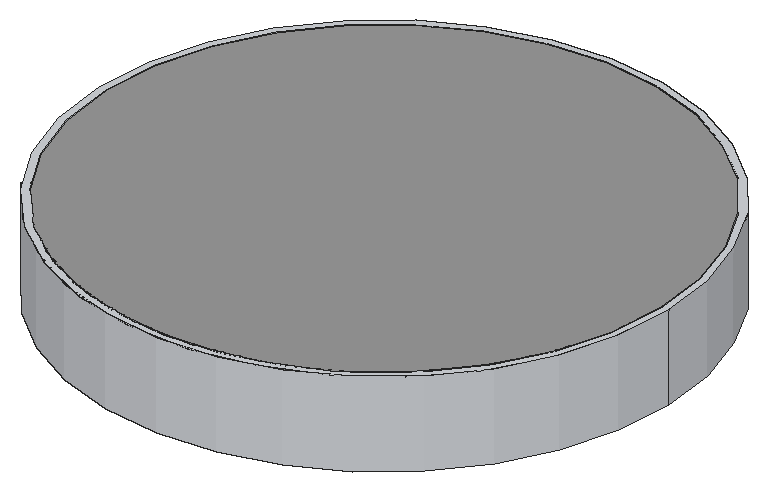
Revit family "2071138", category Lighting Fixtures, host Face, Revit 2018
Family settings
  Host = Face
  Round Connector Dimension = Use Diameter
  Part Type = Normal
  OmniClass Number = 23.80.70.00
  OmniClass Title = Lighting
  Cut with Voids When Loaded = No
  Light Source = Yes
  Shared = No
  Room Calculation Point = No
Parameters (values of type "2071138 COLOSSAL 400 830 PR DIR+H WHT DALI")
  iner diameter = 390 mm
  Weight = "n/a"
  Wattage Comments = ""
  Wattage = 30 W
  WarrantyStartDate [instance] = "n/a"
  WarrantyGuarantorParts = "n/a"
  WarrantyDurationUnit = "n/a"
  WarrantyDurationParts = ""
  WarrantyDescription = "http://www.sylvania-lighting.com"
  built-in parameter 1150110 = 1 (stored number, unit not read)
  Voltage = 230 V
  URL = "0.95"
  TypeName = "COLOSSAL 400mm 830 PRISM DIR+HAL WHITE DALI"
  Type Image = <None>
  Type Comments = "n/a"
  built-in parameter 1114217 = 1 (stored number, unit not read)
  Tilt Angle = -90.00°
  built-in parameter 1150109 = 1 (stored number, unit not read)
  built-in parameter 1150134 = (empty or 0)
  built-in parameter 1150113 = 1 (stored number, unit not read)
  SerialNumber [instance] = "n/a"
  Photometric Web File = "2071138.ies"
  Material_3_SYL = LED-Sylvania
  PowerFactor = 0
  PowerConsumption = "Lighting"
  NominalLength = 400 mm
  NominalHeight = 93 mm
  NominalDepth = 400 mm
  Name = "COLOSSAL 400mm 830 PRISM DIR+HAL WHITE DALI"
  ModelReference = Name  # "COLOSSAL 400mm 830 PRISM DIR+HAL WHITE DALI"
  ModelNumber = "2071138"
  Model = Name  # "COLOSSAL 400mm 830 PRISM DIR+HAL WHITE DALI"
  Material = "Feilo Sylvania"
  ManufacturerName = "120 lm/W"
  Manufacturer = ""
  LuminousEfficacy = ""
  built-in parameter 1150105 = 270.44 (stored number, unit not read)
  Lumens = 3398.4 lm
  LuminaireType = "0"
  built-in parameter 1150115 = 1 (stored number, unit not read)
  LightOutputRatio = "LED"
  built-in parameter 1150137 = (empty or 0)
  built-in parameter 1150139 = (empty or 0)
  LampsType = Lamp  # "n/a"
  LampNominalLuminous = "3000 K"
  LampMacAdamStep = "80"
  LampColourTemperature = "LED"
  LampColourRenderingIndex = "16500"
  built-in parameter 1150112 = 1 (stored number, unit not read)
  built-in parameter 1150114 = 1 (stored number, unit not read)
  Lamp = "n/a"
  Keynote = "n/a"
  InstallationDate [instance] = "n/a"
  InputVoltage = "0"
  InputNominalFrequency = "3000"
  built-in parameter 1150132 = (empty or 0)
  built-in parameter 1150102 = (empty or 0)
  built-in parameter 1150107 = 3000 (stored number, unit not read)
  built-in parameter 1150138 = (empty or 0)
  IngressProtection = "IfcLightFixtureType"
  ImpactProtectionIndex = "IfcLightFixtureType"
  built-in parameter 1150106 = 2.7044 (stored number, unit not read)
  IfcExportType = "IfcLightFixtureType"
  IfcExportAs = "Class I"
  Emit from Circle Diameter = 385 mm
  Emit Shape Visible in Rendering = no
  ElectricShockClassification = "120"
  built-in parameter 1150104 = 10.524 (stored number, unit not read)
  DocumentationLiterature = "http://www.sylvania-lighting.com/product/en-int/products/2071138"
  DimmingControlOptions = "n/a"
  Material_2_SYL = Polycarbonate_Sylvania_White
  Dimming Lamp Color Temperature Shift = <None>
  Description = "400mm diameter circular architectural luminaire, can be surface mounted or suspended. Powder coated aluminium housing (RAL9016) with PMMA prismatic diffuser. Direct/indirect (halo) light distribution, 1920lm luminuous flux, 16W system power, 120lm/W luminiaire efficacy. DALI dimmable. Colour rendering index Ra >80, 3000K Warm White LED, chromaticity tolerance of 3-step MacAdam ellipse. IP40, IK03. 350mA drive current. UGR≤19. Electrical protection Class1, 220-240V. Reported lifetime 66k hours L90B10."
  Default Elevation = 1219.2 mm
  CreatedOn = "22/03/2022"
  CreatedBy = "@sylvania-lighting.com"
  Cost = 0
  Color Filter = 16777215
  built-in parameter 1114216 [instance] = (empty or 0)
  ClassificationValue = "EF_70_80"
  ClassificationName = "Uniclass2015"
  Material_1_SYL = Polycarbonate_Sylvania_Opal
  BarCode [instance] = "n/a"
  built-in parameter 1114218 = 1 (stored number, unit not read)
  built-in parameter 1150133 = 10 (stored number, unit not read)
  AssetType = "Fixed"
  AssetIdentifier [instance] = "n/a"
  Assembly Code = "D5020200"
  Apparent Load = 16 VA
  Material_4_SYL = none
Reference planes
  plane 1 "Center (Front/Back)": y = 0
  plane 2: z = 0
  plane 3 "Center (Left/Right)": x = 0
  plane 4: x = -200
  plane 5: x = 200
  plane 6: y = 200
  plane 7: y = -200
  plane 8: y = 236
  plane 9: y = -236
  plane 10: z = 93
  plane 11: y = 195
  plane 12: y = -195
  plane 13: y = 90.5
  plane 14: y = 144.5
  plane 15: through (52.25, 90.5, 1219.2) normal (0.866, 0.5, 0)
  plane 16: through (52.25, 90.5, 1219.2) normal (0.866, 0.5, 0)
  plane 17: through (63.706, 126.657, 1219.2) normal (0.866, 0.5, 0)
  plane 18: through (-104.5, 0, 1219.2) normal (-0.866, 0.5, 0)
  plane 19: through (-142.394, -9.633, 1219.2) normal (-0.866, 0.5, 0)
  plane 20: y = -90.5
  plane 21: y = -118.5
  plane 22: through (85.371, -141.133, 1219.2) normal (-0.866, 0.5, 0)
  plane 23: through (52.25, -90.5, 1219.2) normal (-0.866, 0.5, 0)
  plane 24: through (-161.658, 0, 1219.2) normal (0.866, 0.5, 0)
  plane 25: through (-172.12, 9.121, 1219.2) normal (0.866, 0.5, 0)
  plane 26: through (-104.5, 0, 1219.2) normal (0.866, 0.5, 0)
Forms (mm)
  Extrusion 1, solid, detail levels medium+fine
    sketch origin (0, 0, 0) x (1, 0, 0) y (0, 1, 0)
      loop
        circle (0, 0) r 200
    from 33.023 to 93
  Extrusion 2, void
    sketch origin (0, 0, 0) x (1, 0, 0) y (0, 1, 0)
      loop
        circle (0, 0) r 195
    from 93 to 37.292
  Extrusion 3, solid, material "Glass, White, High Luminance", detail levels fine
    sketch origin (0, 0, 0) x (1, 0, 0) y (0, 1, 0)
      loop
        circle (0, 0) r 195
    from 88.026 to 93
  Extrusion 4, solid, detail levels coarse
    sketch origin (0, 0, 0) x (1, 0, 0) y (0, 1, 0)
      loop
        line (-200, 200) -> (-200, -200) -> (200, -200) -> (200, 200) -> (-200, 200)
    from 0 to 93
  Blend 5, solid, detail levels medium+fine
    base sketch origin (0, 0, 0) x (1, 0, 0) y (0, 1, 0)
      loop
        line (-52.25, 90.5) -> (-104.5, 0) -> (-52.25, -90.5) -> (52.25, -90.5) -> (104.5, 0) -> (52.25, 90.5) -> (-52.25, 90.5)
    top sketch origin (0, 0, 0) x (1, 0, 0) y (0, 1, 0)
      loop
        line (-53.405, 144.5) -> (-149.245, -21.5) -> (-93.242, -118.5) -> (98.438, -118.5) -> (151.843, -26) -> (53.405, 144.5) -> (-53.405, 144.5)
    from 0 to 33.023
Cuts and joins
  Extrusion 2 cuts Extrusion 1
Dimensions and locks
  "NominalDepth": plane 6 to plane 7
  "NominalLength": plane 4 to plane 5
  equal spacing: plane 4, plane 3 "Center (Left/Right)", plane 5
  "iner diameter": plane 11 to plane 12
  equal spacing: plane 11, plane 1 "Center (Front/Back)", plane 12
  equal spacing: plane 6, plane 1 "Center (Front/Back)", plane 7
  "NominalHeight": plane 10 to level
  plane 19 to plane 18 = 28 mm
  radius of Extrusion 2 sketch curve = 195 mm
  aligned and locked: plane 2 to host face
  aligned and locked: level to host face
Automatic sketch dimensions
  host sketch curve to host sketch curve = 2438.4 mm  (x2)
  plane 1 "Center (Front/Back)" to Extrusion 1 sketch curve = 0 mm
  Extrusion 1 sketch curve to plane 3 "Center (Left/Right)" = 0 mm
  plane 1 "Center (Front/Back)" to Extrusion 2 sketch curve = 0 mm
  Extrusion 2 sketch curve to plane 3 "Center (Left/Right)" = 0 mm
  plane 1 "Center (Front/Back)" to Extrusion 3 sketch curve = 0 mm
  Extrusion 3 sketch curve to plane 3 "Center (Left/Right)" = 0 mm
  Extrusion 4 sketch curve to plane 4 = 0 mm
  Extrusion 4 sketch curve to plane 5 = 0 mm
  Extrusion 4 sketch curve to plane 7 = 0 mm
  Extrusion 4 sketch curve to plane 6 = 0 mm
  Blend 5 sketch curve to plane 19 = 0 mm  (x2)
  Blend 5 sketch curve to plane 24 = 0 mm  (x2)
  Blend 5 sketch curve to plane 21 = 0 mm
  Blend 5 sketch curve to plane 14 = 0 mm
  Blend 5 sketch curve to plane 17 = 0 mm  (x2)
  Blend 5 sketch curve to plane 22 = 0 mm  (x2)
  radius of Extrusion 1 sketch curve = 200 mm
  radius of Extrusion 3 sketch curve = 195 mm
Connectors
  electrical at (0, 0, 0), driven by "Apparent Load", driven by "PowerFactor", driven by "Voltage"
    settings: index 1, voltage 230 V, apparent load 16 VA, apparent load phase1 0 VA, apparent load phase2 0 VA, apparent load phase3 0 VA, power factor 0, load classification "Lighting", number of poles 1, system type 30, power factor state 1, is connector primary yes, connector utility no, sub classification motor no, connector description ""
